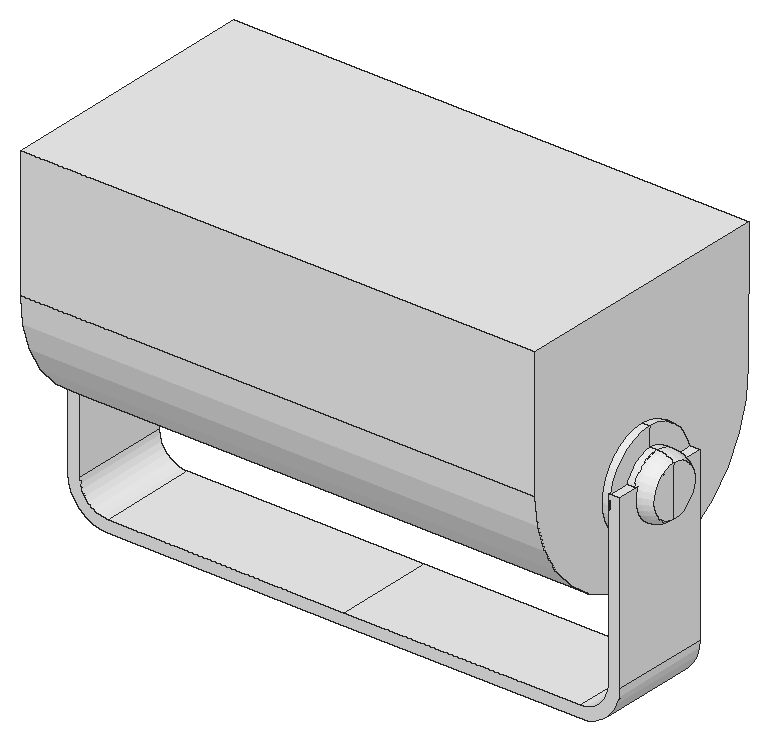
Revit family "Lighting-Accent-Acclaim-Flood One EO", category Lighting Fixtures, host Face, Revit 2016
Family settings
  Host = Face
  Part Type = Normal
  Round Connector Dimension = Use Diameter
  Cut with Voids When Loaded = No
  Light Source = Yes
  Shared = No
  Room Calculation Point = No
Parameters
  Width = 321.056 mm
  Wattage = 9.2903 W
  built-in parameter 1150110 = 1 (stored number, unit not read)
  Voltage = 0 V
  URL = "http://www.acclaimlighting.com/"
  built-in parameter 1114217 = 1 (stored number, unit not read)
  Tilt Angle = -90.00°
  built-in parameter 1150109 = 1 (stored number, unit not read)
  built-in parameter 1150134 = 3
  built-in parameter 1150113 = 1 (stored number, unit not read)
  Power Factor = 1
  Photometric Web File = "generic"
  Number of Poles = 1
  built-in parameter 1150142 = (empty or 0)
  Model = "Flood One EO"
  Manufacturer = "Acclaim Lighting"
  built-in parameter 1150105 = 109.82 (stored number, unit not read)
  Lumens = 1380 lm
  built-in parameter 1150115 = 1 (stored number, unit not read)
  built-in parameter 1150137 = (empty or 0)
  built-in parameter 1150139 = (empty or 0)
  built-in parameter 1150112 = 1 (stored number, unit not read)
  built-in parameter 1150114 = 1 (stored number, unit not read)
  Lamp = "LED"
  built-in parameter 1150132 = (empty or 0)
  built-in parameter 1150102 = (empty or 0)
  built-in parameter 1150107 = 3200 (stored number, unit not read)
  built-in parameter 1150138 = (empty or 0)
  built-in parameter 1150106 = 1.0982 (stored number, unit not read)
  Housing Finish = Aluminum
  Emit from Rectangle Width = 145.00 mm  # constant formula
  Emit from Rectangle Length = 270.00 mm  # constant formula
  Emit Shape Visible in Rendering = no
  built-in parameter 1150104 = 13.8 (stored number, unit not read)
  Dimming Lamp Color Temperature Shift = <None>
  Description = "Floodlight"
  Default Elevation = 1219.20 mm
  Color Filter = 16777215
  built-in parameter 1114218 = 1 (stored number, unit not read)
  built-in parameter 1150133 = 10 (stored number, unit not read)
  Apparent Load = 0 VA
Reference planes
  plane 1 "Center (Front/Back)": y = 0
  plane 2: z = 0
  plane 3 "Center (Left/Right)": x = 0
  plane 4: z = 243.84
  plane 5: z = 398.78
  plane 6: x = 0
  plane 7: z = 233.68
  plane 8: x = -160.528
  plane 9: x = 160.528
  plane 10: y = 82.401
  plane 11: y = -82.401
Forms (mm)
  Revolve 1, solid, material "Aluminum" <- "Housing Finish"
    sketch origin (0, 0, -122.238) x (-1, 0, 0) y (0, 0, 1)
      loop
        line (156.247, 230.237) -> (156.247, 243.815)
        arc (156.247, 243.815) -> (151.951, 246.112) -> (147.118, 246.717) r 13.367
        line (147.118, 246.717) -> (143.149, 246.717) -> (143.149, 256.92) -> (138.507, 256.92) -> (138.507, 230.237) -> (156.247, 230.237)
      axis (138.507, 230.237) -> (156.247, 230.237)
    angle from 0 to 360
  Extrusion 2, solid, material "Aluminum"
    sketch origin (0, 0, 0) x (1, 0, 0) y (0, 0, 1)
      loop
        line (0, 6.35) -> (-127, 6.35)
        arc (-127, 6.35) -> (-137.742, 10.799) -> (-142.191, 21.541) r 15.191
        line (-142.191, 21.541) -> (-142.191, 113.62) -> (-148.541, 113.62) -> (-148.541, 21.541)
        arc (-148.541, 21.541) -> (-142.232, 6.309) -> (-127, 0) r 21.541
        line (-127, 0) -> (0, 0) -> (127, 0)
        arc (127, 0) -> (142.232, 6.309) -> (148.541, 21.541) r 21.541
        line (148.541, 21.541) -> (148.541, 113.62) -> (142.191, 113.62) -> (142.191, 21.541)
        arc (142.191, 21.541) -> (137.742, 10.799) -> (127, 6.35) r 15.191
        line (127, 6.35) -> (0, 6.35)
    from -26.632 to 26.657
  Revolve 3, solid, material "Aluminum" <- "Housing Finish"
    sketch origin (0, 0, -122.238) x (1, 0, 0) y (0, 0, 1)
      loop
        line (156.247, 230.237) -> (156.247, 243.815)
        arc (156.247, 243.815) -> (151.951, 246.112) -> (147.118, 246.717) r 13.367
        line (147.118, 246.717) -> (143.149, 246.717) -> (143.149, 256.92) -> (138.507, 256.92) -> (138.507, 230.237) -> (156.247, 230.237)
      axis (138.507, 230.237) -> (156.247, 230.237)
    angle from 0 to 360
  Extrusion 4, solid, material "Aluminum"
    sketch origin (0, 0, 0) x (0, 1, 0) y (0, 0, 1)
      loop
        line (71.985, 199.901) -> (-71.25, 199.901) -> (-71.25, 130.051)
        arc (-71.25, 130.051) -> (0.367, 58.434) -> (71.985, 130.051) r 71.617
        line (71.985, 130.051) -> (71.985, 199.901)
    from -138.507 to 138.507
Dimensions and locks
  equal spacing: plane 9, plane 3 "Center (Left/Right)", plane 8
  "Width": plane 9 to plane 8
  equal spacing: plane 10, plane 1 "Center (Front/Back)", plane 11
  plane 10 to plane 11 = 164.802 mm
  aligned and locked: plane 2 to host face
  aligned and locked: level to host face
Automatic sketch dimensions
  host sketch curve to host sketch curve = 2438.40 mm  (x2)
  Revolve 1 sketch curve to plane 8 = 22.021 mm
  Revolve 1 sketch curve to Revolve 1 sketch curve = 4.642 mm
  Revolve 1 sketch curve to Revolve 1 sketch curve = 3.969 mm
  Revolve 1 sketch curve to Revolve 1 sketch curve = 9.395 mm
  Revolve 1 sketch curve to plane 8 = 4.281 mm
  Revolve 1 sketch curve to level = 108.00 mm
  Revolve 1 sketch curve to Revolve 1 sketch curve = 3.136 mm
  Revolve 1 sketch curve to Revolve 1 sketch curve = 10.442 mm
  Revolve 1 sketch curve to Revolve 1 sketch curve = 10.203 mm
  Revolve 1 sketch curve to Revolve 1 sketch curve = 0.00 mm  (x2)
  plane 8 to Revolve 1 sketch curve = 24.928 mm
  Extrusion 2 sketch curve to Extrusion 2 sketch curve = 0.00 mm  (x4)
  Extrusion 2 sketch curve to level = 0.00 mm
  Extrusion 2 sketch curve to plane 3 "Center (Left/Right)" = 0.00 mm  (x2)
  plane 8 to Extrusion 2 sketch curve = 33.528 mm
  plane 8 to Extrusion 2 sketch curve = 18.337 mm
  Extrusion 2 sketch curve to Extrusion 2 sketch curve = 6.35 mm
  Extrusion 2 sketch curve to plane 9 = 33.528 mm
  Extrusion 2 sketch curve to Extrusion 2 sketch curve = 15.191 mm
  Extrusion 2 sketch curve to Extrusion 2 sketch curve = 92.079 mm  (x2)
  Revolve 3 sketch curve to plane 9 = 22.021 mm
  Revolve 3 sketch curve to Revolve 3 sketch curve = 4.642 mm
  Revolve 3 sketch curve to Revolve 3 sketch curve = 3.969 mm
  Revolve 3 sketch curve to Revolve 3 sketch curve = 9.395 mm
  Revolve 3 sketch curve to plane 9 = 4.281 mm
  level to Revolve 3 sketch curve = 108.00 mm
  Revolve 3 sketch curve to Revolve 3 sketch curve = 3.136 mm
  Revolve 3 sketch curve to Revolve 3 sketch curve = 10.442 mm
  Revolve 3 sketch curve to Revolve 3 sketch curve = 10.203 mm
  Revolve 3 sketch curve to Revolve 3 sketch curve = 0.00 mm  (x2)
  plane 9 to Revolve 3 sketch curve = 24.928 mm
  Extrusion 4 sketch curve to plane 11 = 11.151 mm
  Extrusion 4 sketch curve to plane 1 "Center (Front/Back)" = 0.367 mm
  Extrusion 4 sketch curve to plane 7 = 103.629 mm
  Extrusion 4 sketch curve to plane 7 = 33.779 mm
Connectors
  electrical at (138.507, 0.367, 164.976), driven by "Number of Poles", driven by "Voltage", driven by "Apparent Load", driven by "Power Factor"
    settings: on Extrusion 4, index 1, voltage 0 V, apparent load 0 VA, apparent load phase1 0 VA, apparent load phase2 0 VA, apparent load phase3 0 VA, power factor 1, load classification "Other", number of poles 1, system type 31, power factor state 1, is connector primary yes, connector utility no, sub classification motor no, connector description "Power"
